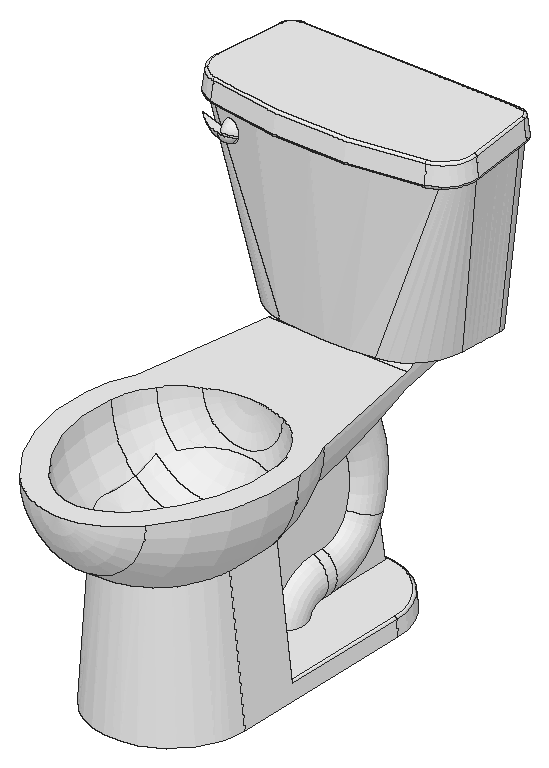
Revit family "Toilet-Elongated-Right_Height-American_Standard-Cadet_3-270CA_Series", category Plumbing Fixtures, Revit 2014
Parameters (values of type "270CA.001.020")
  Width = 17 3/4"  # constant formula
  Waste Connection Radius = 1 1/16"
  Waste Connection Diameter = Waste Connection Radius * 2  # 2 1/8"
  Waste Connection = yes
  Warranty Information = "5 Years Limited"
  WFU = 5
  Vent Connection = no
  URL = "http://www.americanstandard-us.com"
  Type Comments = "Available Finished White, Bone, Linen"
  Tank Locking Device = no
  Product Page URL = "https://www.americanstandard-us.com/bathroom/toilets/cadet-3-elongated-16-gpf-toilet-24215"
  Product Documentation Link = "https://www.americanstandard-us.com/-/media/sites/asus/files/product-specs/bulk/specsheet270ca001.pdf?la=en"
  Price = "Prices may vary. Please consult Manufacturer Representative for most up-to-date price list."  # constant formula
  Model = "270CA.001.020"
  Material = "Vitreous China-American Standard-020-White"
  Manufacturer = "American Standard"
  Length = 30 1/4"  # constant formula
  Installation Type = "Floor Mounted"
  Height = 30 1/4"  # constant formula
  HWFU = 0
  HW Connection = no
  Flush Rate = "1.6 gpf (6.0 Lpf)"
  Finish = Vitreous China-American Standard-020-White
  Description = "Cadet 3 Elongated 1.6 gpf Toilet"
  Default Elevation = 0"
  Creation Date = "02/04/2019"  # constant formula
  Cold Water Connection Width = 6"
  Cold Water Connection Radius = 3/16"
  Cold Water Connection Height = 8"  # constant formula
  Cold Water Connection Diameter = Cold Water Connection Radius * 2  # 3/8"
  CWFU = 5
  CW Connection = yes
  Bowl Shape = "Elongated"
  Assembly Code = "D2010110"
Types (7): name | Product Page URL | Product Documentation Link | Model | Material | Flush Rate | Finish | Description
  (no name) | "https://www.americanstandard-us.com/bathroom/toilets/cadet-3-elongated-16-gpf-toilet-24215" | "https://www.americanstandard-us.com/-/media/sites/asus/files/product-specs/bulk/specsheet270ca001.pdf?la=en" | "270CA.001.020" | "Vitreous China-American Standard-020-White" | "1.6 gpf (6.0 Lpf)" | Vitreous China-American Standard-020-White | "Cadet 3 Elongated 1.6 gpf Toilet"
  270CA.001.020 | "https://www.americanstandard-us.com/bathroom/toilets/cadet-3-elongated-16-gpf-toilet-24215" | "https://www.americanstandard-us.com/-/media/sites/asus/files/product-specs/bulk/specsheet270ca001.pdf?la=en" | "270CA.001.020" | "Vitreous China-American Standard-020-White" | "1.6 gpf (6.0 Lpf)" | Vitreous China-American Standard-020-White | "Cadet 3 Elongated 1.6 gpf Toilet"
  270CA.001.021 | "https://www.americanstandard-us.com/bathroom/toilets/cadet-3-elongated-16-gpf-toilet-24215" | "https://www.americanstandard-us.com/-/media/sites/asus/files/product-specs/bulk/specsheet270ca001.pdf?la=en" | "270CA.001.021" | "Vitreous China-American Standard-021-Bone" | "1.6 gpf (6.0 Lpf)" | Vitreous China-American Standard-021-Bone | "Cadet 3 Elongated 1.6 gpf Toilet"
  270CA.001.222 | "https://www.americanstandard-us.com/bathroom/toilets/cadet-3-elongated-16-gpf-toilet-24215" | "https://www.americanstandard-us.com/-/media/sites/asus/files/product-specs/bulk/specsheet270ca001.pdf?la=en" | "270CA.001.222" | "Vitreous China-American Standard-222-Linen" | "1.6 gpf (6.0 Lpf)" | Vitreous China-American Standard-222-Linen | "Cadet 3 Elongated 1.6 gpf Toilet"
  270CA.101.020 | "https://www.americanstandard-us.com/bathroom/toilets/cadet-3-elongated-128-gpf-toilet-24210" | "https://www.americanstandard-us.com/-/media/sites/asus/files/product-specs/bulk/specsheet270ca101.pdf?la=en" | "270CA.101.020" | "Vitreous China-American Standard-020-White" | "1.28 gpf (4.8 Lpf)" | Vitreous China-American Standard-020-White | "Cadet 3 Elongated 1.28 gpf Toilet"
  270CA.101.021 | "https://www.americanstandard-us.com/bathroom/toilets/cadet-3-elongated-128-gpf-toilet-24210" | "https://www.americanstandard-us.com/-/media/sites/asus/files/product-specs/bulk/specsheet270ca101.pdf?la=en" | "270CA.101.021" | "Vitreous China-American Standard-021-Bone" | "1.28 gpf (4.8 Lpf)" | Vitreous China-American Standard-021-Bone | "Cadet 3 Elongated 1.28 gpf Toilet"
  270CA.101.222 | "https://www.americanstandard-us.com/bathroom/toilets/cadet-3-elongated-128-gpf-toilet-24210" | "https://www.americanstandard-us.com/-/media/sites/asus/files/product-specs/bulk/specsheet270ca101.pdf?la=en" | "270CA.101.222" | "Vitreous China-American Standard-222-Linen" | "1.28 gpf (4.8 Lpf)" | Vitreous China-American Standard-222-Linen | "Cadet 3 Elongated 1.28 gpf Toilet"
Reference planes (in)
  plane 1 "Center (Front/Back)": y = 0
  plane 2: z = 0
  plane 3 "Center (Left/Right)": x = 0
  plane 4: x = 7
  plane 5: x = -4.8125
  plane 6: x = 4.8125
  plane 7: x = -6
  plane 8: z = 10
  plane 9: x = -7
  plane 10: y = -15.4375
  plane 11: y = -4.75
  plane 12: y = -12
  plane 13: y = -1
  plane 14: y = -30.25
  plane 15: y = -9.625
  plane 16: x = 8.6875
  plane 17: x = -8.6875
  plane 18: y = -4
  plane 19: z = 30.25
  plane 20: z = 16.5
  plane 21: z = 28.875
  plane 22: z = 15
  plane 23: x = -7.9375
  plane 24: x = 7.9375
  plane 25: y = -8.50891
  plane 26: x = -8.43297
  plane 27: y = -25.6875
  plane 28: y = -3.5
Forms (in)
  Extrusion 1, solid, material "Vitreous China-American Standard-020-White" <- "Finish"
    sketch origin (0.13358, -1.8125, 0) x (0, 1, 0) y (0, 0, 1)
      loop
        line (-0.2188, 13.99612) -> (-12.43757, 13.99612)
        arc (-12.43757, 13.99612) -> (-13.81876, 10.40146) -> (-17.1875, 8.53575) r 5.62929
        line (-17.1875, 8.53575) -> (-17.1875, 1.125) -> (-2.1875, 1.125) -> (-2.9375, 5.50897) -> (-2.9375, 6.90718)
        arc (-2.9375, 6.90718) -> (-2.46694, 9.67407) -> (-1.10816, 12.12984) r 8.36987
        arc (-1.10816, 12.12984) -> (-0.55611, 13.01181) -> (-0.2188, 13.99612) r 4.55113
    from -0.62245 to 0.35528
  Sweep 2, solid, material "Vitreous China-American Standard-020-White" <- "Finish"
    path origin (0, 0.1875, 0) x (0, 1, 0) y (0, 0, 1)
      loop
        line (-12.1875, -0.01756) -> (-12.1875, 0.55049)
        arc (-12.1875, 0.55049) -> (-11.57101, 2.03882) -> (-10.08267, 2.65531) r 2.10483
        line (-10.08267, 2.65531) -> (-9.3551, 2.65531)
        arc (-9.3551, 2.65531) -> (-7.33474, 3.29731) -> (-6.05557, 4.98779) r 3.5
        arc (-6.05557, 4.98779) -> (-5.74311, 7.9598) -> (-6.81244, 10.75031) r 6.40791
        arc (-6.81244, 10.75031) -> (-8.95061, 11.94157) -> (-11.19137, 10.95674) r 2.75
        arc (-11.19137, 10.95674) -> (-14.46483, 8.37172) -> (-18.50137, 7.32088) r 10.15358
    profile origin (0, -12, 0.26646) x (0, -1, 0) y (1, 0, 0)
      loop
        circle (0, 0) r 1.5
  Extrusion 3, solid, material "Vitreous China-American Standard-020-White", not visible
    sketch origin (0, 0.03125, -2) x (1, 0, 0) y (0, 0, 1)
      loop
        circle (-6, 10) r 0.1875
    from 0 to 0.03125
  Blend 4, solid, material "Vitreous China-American Standard-020-White" <- "Finish"
    base sketch origin (0, -0.0625, 0) x (1, 0, 0) y (0, 1, 0)
      loop
        line (-4.8125, -16.75) -> (-4.8125, -20.8125)
        arc (-4.8125, -20.8125) -> (0, -25.625) -> (4.8125, -20.8125) r 4.8125
        line (4.8125, -20.8125) -> (4.8125, -16.75) -> (-4.8125, -16.75)
    top sketch origin (0, -0.0625, 0) x (1, 0, 0) y (0, 1, 0)
      loop
        arc (-3.75, -21.1875) -> (0, -24.9375) -> (3.75, -21.1875) r 3.75
        line (3.75, -21.1875) -> (3.75, -17.37103) -> (-3.75, -17.37103) -> (-3.75, -21.1875)
    from 0 to 12.73418
  Extrusion 5, solid, material "Vitreous China-American Standard-020-White" <- "Finish"
    sketch origin (0, 0.81104, 0) x (1, 0, 0) y (0, 1, 0)
      loop
        arc (4.41932, -9.12354) -> (0, -4.70422) -> (-4.41932, -9.12354) r 4.41932
        line (-4.41932, -9.12354) -> (-4.41932, -19.87354) -> (4.41932, -19.87354) -> (4.41932, -9.12354)
    from 0 to 1.125
  Sweep 6, solid, material "Vitreous China-American Standard-020-White" <- "Finish"
    path origin (0, -2, 0) x (1, 0, 0) y (0, 1, 0)
      loop
        line (4.8125, -17.0625) -> (4.8125, -6.3125)
        arc (4.8125, -6.3125) -> (0, -1.5) -> (-4.8125, -6.3125) r 4.8125
        line (-4.8125, -6.3125) -> (-4.8125, -17.0625)
    profile origin (-4.8125, -13.6875, 0) x (1, 0, 0) y (0, 0, 1)
      loop
        line (0, 0) -> (0.39318, 0) -> (0.39318, 1.125) -> (0.24426, 1.125)
        arc (0.24426, 1.125) -> (0.13358, 1.08183) -> (0.08136, 0.97513) r 0.16346
        line (0.08136, 0.97513) -> (0, 0)
  Blend 7, solid, material "Vitreous China-American Standard-020-White" <- "Finish"
    base sketch origin (0, -1.78906, 16.83604) x (1, 0, 0) y (0, 1, 0)
      loop
        line (-6.39787, -0.11018) -> (-6.22719, -2.96187)
        arc (-6.22719, -2.96187) -> (-5.27441, -5.15972) -> (-3.13135, -6.23006) r 3.5
        arc (-3.13135, -6.23006) -> (0, -6.40864) -> (3.13135, -6.23006) r 27.54296
        arc (3.13135, -6.23006) -> (5.27441, -5.15972) -> (6.22719, -2.96187) r 3.5
        line (6.22719, -2.96187) -> (6.39787, -0.11018)
        arc (6.39787, -0.11018) -> (6.19515, 0.44888) -> (5.64921, 0.68463) r 0.75
        line (5.64921, 0.68463) -> (-5.64921, 0.68463)
        arc (-5.64921, 0.68463) -> (-6.19515, 0.44888) -> (-6.39787, -0.11018) r 0.75
    top sketch origin (0, -1.78906, 16.83604) x (1, 0, 0) y (0, 1, 0)
      loop
        line (6.64001, 0.71934) -> (-6.64001, 0.71934)
        arc (-6.64001, 0.71934) -> (-7.59523, 0.35529) -> (-8.06585, -0.55218) r 1.4352
        line (-8.06585, -0.55218) -> (-8.54198, -4.69994)
        arc (-8.54198, -4.69994) -> (-8.3173, -5.71939) -> (-7.51315, -6.38504) r 1.60507
        arc (-7.51315, -6.38504) -> (0, -7.75308) -> (7.51315, -6.38504) r 21.31466
        arc (7.51315, -6.38504) -> (8.3173, -5.71939) -> (8.54198, -4.69994) r 1.60507
        line (8.54198, -4.69994) -> (8.06585, -0.55218)
        arc (8.06585, -0.55218) -> (7.59523, 0.35529) -> (6.64001, 0.71934) r 1.4352
    from -1.13032 to 10.62389
  Revolve 8, solid, material "Metal-American Standard-002-Chrome"
    sketch origin (-0.55615, -10.29726, -0.25) x (0.951057, -0.309017, 0) y (0, 0, 1)
      loop
        arc (-8.25199, 26.24266) -> (-7.14608, 25.77503) -> (-5.95452, 25.62705) r 4.35655
        arc (-5.95452, 25.62705) -> (-5.3899, 25.79814) -> (-5.00199, 26.24266) r 1.06915
        line (-5.00199, 26.24266) -> (-8.25199, 26.24266)
      axis (-8.25199, 26.24266) -> (-5.00199, 26.24266)
    angle from 270 to 360
  Revolve 9, solid, material "Metal-American Standard-002-Chrome"
    sketch origin (2.13594, -3.02314, 26.11766) x (0.951057, -0.309017, 0) y (0.309017, 0.951057, 0)
      loop
        arc (-5.95452, -8.30803) -> (-5.56349, -8.09934) -> (-5.29071, -7.75) r 1.06915
        line (-5.29071, -7.75) -> (-5.95452, -7.75) -> (-5.95452, -8.30803)
      axis (-5.95452, -8.30803) -> (-5.95452, -7.75)
    angle from 0 to 360
  Extrusion 10, solid, material "Vitreous China-American Standard-020-White" <- "Finish"
    sketch origin (0, 0.0625, -1.5) x (0, 1, 0) y (0, 0, 1)
      loop
        line (-16.5625, 13.28408) -> (-7.35095, 15.49612) -> (-3.59932, 15.49612) -> (-2.74382, 17.33072) -> (-6.38325, 17.33072)
        arc (-6.38325, 17.33072) -> (-6.62657, 16.74331) -> (-7.21397, 16.5) r 0.83072
        line (-7.21397, 16.5) -> (-16.5625, 16.5) -> (-16.5625, 13.28408)
    from -6.93516 to 6.76113
  Extrusion 11, solid, material "Vitreous China-American Standard-020-White" <- "Finish"
    sketch origin (0, 0.42188, -1.5) x (1, 0, 0) y (0, 1, 0)
      loop
        arc (2.5, -4.30084) -> (0, -1.80084) -> (-2.5, -4.30084) r 2.5
        line (-2.5, -4.30084) -> (2.5, -4.30084)
    from 17.33072 to 15.49612
  Extrusion 12, void
    sketch origin (-1.408, -0.96896, -1.5) x (0.984808, 0.173648, 0) y (0, 0, 1)
      loop
        line (8.89659, 17.61078) -> (4.68255, 17.61078)
        arc (4.68255, 17.61078) -> (4.62219, 15.16003) -> (3.36241, 13.05699) r 4.8125
        line (3.36241, 13.05699) -> (6.77312, 13.05699) -> (8.89659, 17.61078)
    from 0 to 17.125
  Revolve 13, solid, material "Vitreous China-American Standard-020-White" <- "Finish"
    sketch origin (0, -57.9375, 15) x (-1, 0, 0) y (0, -1, 0)
      loop
        arc (-4.12967, -29.8119) -> (-6.48649, -34.05023) -> (-7, -38.87251) r 12.16288
        arc (-7, -38.87251) -> (-6.63475, -40.65908) -> (-5.89825, -42.32725) r 8.53358
        arc (-5.89825, -42.32725) -> (-5.57001, -42.7332) -> (-5.13235, -43.0178) r 1.66797
        arc (-5.13235, -43.0178) -> (-2.62366, -43.83406) -> (0, -44.11018) r 12.60289
        line (0, -44.11018) -> (0, -43.5046)
        arc (0, -43.5046) -> (-1.35522, -43.35576) -> (-2.64635, -42.91788) r 6.2782
        arc (-2.64635, -42.91788) -> (-4.5881, -41.31414) -> (-5.50181, -38.96735) r 5
        arc (-5.50181, -38.96735) -> (-5.10623, -34.59527) -> (-2.98576, -30.75142) r 10.68295
        arc (-2.98576, -30.75142) -> (-1.64167, -29.67339) -> (0, -29.15028) r 4.7147
        line (0, -29.15028) -> (0, -27.66084)
        arc (0, -27.66084) -> (-2.27302, -28.3367) -> (-4.12967, -29.8119) r 6.23939
      axis (0, -27.66084) -> (0, -44.11018)
    angle from 0 to 180
  Revolve 14, void
    sketch origin (-12, -57.9375, 15) x (-1, 0, 0) y (0, -1, 0)
      loop
        line (-12, -43.5046) -> (-12, -29.15028)
        arc (-12, -29.15028) -> (-13.64167, -29.67339) -> (-14.98576, -30.75142) r 4.7147
        arc (-14.98576, -30.75142) -> (-17.10623, -34.59527) -> (-17.50181, -38.96735) r 10.68295
        arc (-17.50181, -38.96735) -> (-16.5881, -41.31414) -> (-14.64635, -42.91788) r 5
        arc (-14.64635, -42.91788) -> (-13.35522, -43.35576) -> (-12, -43.5046) r 6.2782
      axis (-12, -29.15028) -> (-12, -43.5046)
    angle from 0 to 180
  Extrusion 15, void
    sketch origin (1.408, -0.96896, -1.5) x (-0.984808, 0.173648, 0) y (0, 0, -1)
      loop
        line (8.89659, -17.61078) -> (6.77312, -13.05699) -> (3.36241, -13.05699)
        arc (3.36241, -13.05699) -> (4.62219, -15.16003) -> (4.68255, -17.61078) r 4.8125
        line (4.68255, -17.61078) -> (8.89659, -17.61078)
    from 0 to 17.125
  Sweep 16, solid, material "Vitreous China-American Standard-020-White" <- "Finish"
    path origin (0, -2.16406, 15.45993) x (1, 0, 0) y (0, 1, 0)
      loop
        line (-8.17982, 0.22296) -> (-8.6851, -4.31531)
        arc (-8.6851, -4.31531) -> (-8.2927, -5.8264) -> (-6.9927, -6.69089) r 2.18719
        arc (-6.9927, -6.69089) -> (0, -7.46992) -> (6.9927, -6.69089) r 31.77324
        arc (6.9927, -6.69089) -> (8.2927, -5.8264) -> (8.6851, -4.31531) r 2.18719
        line (8.6851, -4.31531) -> (8.17982, 0.22296)
        arc (8.17982, 0.22296) -> (7.83705, 0.88808) -> (7.13808, 1.15516) r 1.04818
        line (7.13808, 1.15516) -> (-7.13808, 1.15516)
        arc (-7.13808, 1.15516) -> (-7.83705, 0.88808) -> (-8.17982, 0.22296) r 1.04818
    profile origin (-8.43246, -4.21024, 15.45993) x (0.993859, -0.110652, 0) y (0, 0, 1)
      loop
        line (0.42017, 12) -> (0.42017, 13.41396) -> (0.31448, 13.41396)
        arc (0.31448, 13.41396) -> (0.2064, 13.37301) -> (0.15259, 13.27073) r 0.16311
        line (0.15259, 13.27073) -> (0.00725, 12.08702)
        arc (0.00725, 12.08702) -> (0.02614, 12.02617) -> (0.08424, 12) r 0.07757
        line (0.08424, 12) -> (0.42017, 12)
  Extrusion 17, solid, material "Vitreous China-American Standard-020-White" <- "Finish"
    sketch origin (0, -0.38391, -1.50111) x (1, 0, 0) y (0, 1, 0)
      loop
        arc (-8.2675, -6.14196) -> (-7.95049, -7.36276) -> (-6.90023, -8.06118) r 1.76701
        arc (-6.90023, -8.06118) -> (0, -8.82991) -> (6.90023, -8.06118) r 31.35306
        arc (6.90023, -8.06118) -> (7.95049, -7.36276) -> (8.2675, -6.14196) r 1.76701
        line (8.2675, -6.14196) -> (7.76223, -1.60369)
        arc (7.76223, -1.60369) -> (7.55686, -1.20519) -> (7.13808, -1.04517) r 0.62801
        line (7.13808, -1.04517) -> (-7.13808, -1.04517)
        arc (-7.13808, -1.04517) -> (-7.55686, -1.20519) -> (-7.76223, -1.60369) r 0.62801
        line (-7.76223, -1.60369) -> (-8.2675, -6.14196)
    from 28.96104 to 30.37611
Cuts and joins
  Revolve 14 cuts Extrusion 1
  Revolve 14 cuts Blend 4
  Revolve 14 cuts Extrusion 5
  Revolve 14 cuts Sweep 6
  Extrusion 12, Revolve 14, Extrusion 15 cuts Extrusion 10
  joined: Extrusion 1, Blend 4, Extrusion 5, Sweep 6, Blend 7, Extrusion 10, Revolve 13
  joined: Sweep 16, Extrusion 17
Dimensions and locks (in)
  plane 6 to plane 5 = 9 5/8"
  "Cold Water Connection Width": plane 3 "Center (Left/Right)" to plane 7
  plane 4 to plane 9 = 14"
  plane 1 "Center (Front/Back)" to plane 12 = 12"
  equal spacing: plane 17, plane 3 "Center (Left/Right)", plane 16
  plane 17 to plane 16 = 17 3/8"
  plane 1 "Center (Front/Back)" to plane 18 = 4"
  plane 1 "Center (Front/Back)" to plane 14 = 30 1/4"
  plane 1 "Center (Front/Back)" to plane 13 = 1"
  plane 19 to level = 30 1/4"
  plane 20 to level = 16 1/2"
  plane 22 to level = 15"
  plane 21 to level = 28 7/8"
  plane 13 to plane 15 = 8 5/8"
  plane 12 to plane 27 = 13 11/16"
  plane 28 to plane 12 = 8 1/2"
  "Cold Water Connection Diameter": diameter of Extrusion 3 sketch curve
  radius of Blend 4 sketch curve = 4 13/16"
Automatic sketch dimensions
  Extrusion 1 sketch curve to plane 11 = 0"
  Extrusion 1 sketch curve to plane 18 = 0"
  Extrusion 1 sketch curve to plane 22 = 0.03033"
  Extrusion 1 sketch curve to plane 11 = 1.72709"
  Extrusion 1 sketch curve to plane 10 = 1.18743"
  level to Extrusion 1 sketch curve = 1 1/8"
  plane 10 to Extrusion 1 sketch curve = 3 9/16"
  Extrusion 1 sketch curve to plane 22 = 0.90393"
  Extrusion 1 sketch curve to plane 1 "Center (Front/Back)" = 3.61987"
  Extrusion 1 sketch curve to Extrusion 1 sketch curve = 4.38397"
  Extrusion 1 sketch curve to Extrusion 1 sketch curve = 1.39821"
  Extrusion 1 sketch curve to Extrusion 1 sketch curve = 5.56032"
  Sweep 2 sketch curve to plane 12 = 0"
  plane 20 to Sweep 2 sketch curve = 0.96286"
  plane 10 to Sweep 2 sketch curve = 3.3616"
  plane 12 to Sweep 2 sketch curve = 0.09105"
  plane 15 to Sweep 2 sketch curve = 0.27017"
  Sweep 2 sketch curve to plane 15 = 0.4574"
  Sweep 2 sketch curve to plane 15 = 0.73239"
  plane 8 to Sweep 2 sketch curve = 0.80538"
  plane 8 to Sweep 2 sketch curve = 2.87467"
  Sweep 2 sketch curve to Sweep 2 sketch curve = 0.97001"
  level to Sweep 2 sketch curve = 2.65531"
  plane 10 to Sweep 2 sketch curve = 2.87637"
  Sweep 2 sketch curve to plane 8 = 0.95674"
  Sweep 2 sketch curve to Sweep 2 sketch curve = 0"  (x2)
  Sweep 2 sketch curve to level = 0.01756"
  Sweep 2 sketch curve to profile plane = 0"  (x2)
  Extrusion 3 sketch curve to plane 7 = 0"
  plane 8 to Extrusion 3 sketch curve = 2"
  Blend 4 sketch curve to plane 5 = 0"
  plane 10 to Blend 4 sketch curve = 1 3/8"
  Blend 4 sketch curve to plane 3 "Center (Left/Right)" = 0"
  plane 5 to Blend 4 sketch curve = 1 1/16"
  plane 10 to Blend 4 sketch curve = 1.99603"
  Extrusion 5 sketch curve to plane 3 "Center (Left/Right)" = 0"
  plane 5 to Extrusion 5 sketch curve = 0.39318"
  plane 10 to Extrusion 5 sketch curve = 3 5/8"
  Extrusion 5 sketch curve to plane 15 = 1 5/16"
  Sweep 6 sketch curve to plane 5 = 0"
  Sweep 6 sketch curve to plane 3 "Center (Left/Right)" = 0"
  Sweep 6 sketch curve to plane 15 = 1 5/16"
  plane 10 to Sweep 6 sketch curve = 3 5/8"  (x2)
  profile plane to Sweep 6 sketch curve = 0"
  Sweep 6 sketch curve to profile plane = 0"
  Sweep 6 sketch curve to profile plane = 0.08136"
  Sweep 6 sketch curve to Sweep 6 sketch curve = 0.16289"
  Sweep 6 sketch curve to Sweep 6 sketch curve = 0.14892"
  profile plane to Sweep 6 sketch curve = 0.96154"
  Sweep 6 sketch curve to Sweep 6 sketch curve = 0.01359"
  Blend 7 sketch curve to plane 3 "Center (Left/Right)" = 0"  (x2)
  plane 11 to Blend 7 sketch curve = 0.20818"  (x2)
  plane 5 to Blend 7 sketch curve = 2.07906"
  plane 13 to Blend 7 sketch curve = 0.10443"
  plane 7 to Blend 7 sketch curve = 0.35079"
  Blend 7 sketch curve to plane 11 = 0.00093"  (x2)
  Blend 7 sketch curve to plane 7 = 0.22719"
  Blend 7 sketch curve to plane 7 = 0.39787"
  plane 6 to Blend 7 sketch curve = 2.07906"
  Blend 7 sketch curve to plane 6 = 0.83671"
  plane 4 to Blend 7 sketch curve = 0.77281"
  plane 4 to Blend 7 sketch curve = 0.60213"
  Blend 7 sketch curve to plane 1 "Center (Front/Back)" = 19.34525"
  Blend 7 sketch curve to Blend 7 sketch curve = 0"  (x2)
  plane 13 to Blend 7 sketch curve = 0.06972"
  plane 9 to Blend 7 sketch curve = 0.35999"
  plane 9 to Blend 7 sketch curve = 0.05262"
  Blend 7 sketch curve to plane 17 = 0.62165"
  Blend 7 sketch curve to plane 17 = 0.14552"
  plane 4 to Blend 7 sketch curve = 0.35999"
  plane 4 to Blend 7 sketch curve = 0.05262"
  Blend 7 sketch curve to plane 16 = 0.62165"
  Blend 7 sketch curve to plane 16 = 0.14552"
  Blend 7 sketch curve to plane 11 = 1.73901"  (x2)
  Blend 7 sketch curve to Blend 7 sketch curve = 0.18305"  (x2)
  Blend 7 sketch curve to plane 1 "Center (Front/Back)" = 11.77252"
  Revolve 8 sketch curve to plane 21 = 2.88234"
  Revolve 8 sketch curve to plane 19 = 0.51687"
  Revolve 8 sketch curve to Revolve 8 sketch curve = 2.23347"
  Revolve 8 sketch curve to Revolve 8 sketch curve = 2.28176"
  Revolve 8 sketch curve to Revolve 8 sketch curve = 0.96824"
  Revolve 8 sketch curve to Revolve 8 sketch curve = 0.45343"
  Revolve 8 sketch curve to Revolve 8 sketch curve = 0.55269"
  Revolve 8 sketch curve to Revolve 8 sketch curve = 0.38425"
  Revolve 8 sketch curve to Revolve 8 sketch curve = 0"
  Revolve 9 sketch curve to plane 7 = 0.0595"
  Revolve 9 sketch curve to plane 15 = 1.60908"
  Revolve 9 sketch curve to Revolve 9 sketch curve = 0.29696"
  Revolve 9 sketch curve to Revolve 9 sketch curve = 0.66381"
  Revolve 9 sketch curve to Revolve 9 sketch curve = 0.46905"
  Revolve 9 sketch curve to Revolve 9 sketch curve = 0"
  Revolve 9 sketch curve to Revolve 9 sketch curve = 0.05803"
  Revolve 9 sketch curve to Revolve 9 sketch curve = 0.03095"
  Extrusion 10 sketch curve to plane 22 = 0"
  plane 10 to Extrusion 10 sketch curve = 1 1/16"
  Extrusion 10 sketch curve to plane 22 = 1.00388"
  Extrusion 10 sketch curve to plane 15 = 2.33655"
  Extrusion 10 sketch curve to plane 20 = 0.66928"
  Extrusion 10 sketch curve to Extrusion 10 sketch curve = 0.13698"
  Extrusion 10 sketch curve to plane 8 = 1.78408"
  Extrusion 11 sketch curve to plane 3 "Center (Left/Right)" = 0"
  Extrusion 11 sketch curve to plane 18 = 0.12103"
  plane 5 to Extrusion 11 sketch curve = 2 5/16"
  Extrusion 12 sketch curve to plane 22 = 0"
  Extrusion 12 sketch curve to plane 8 = 1.55699"
  Extrusion 12 sketch curve to Extrusion 12 sketch curve = 3.36241"
  Extrusion 12 sketch curve to plane 20 = 0.38922"
  Extrusion 12 sketch curve to Extrusion 12 sketch curve = 3.41071"
  Extrusion 12 sketch curve to Extrusion 12 sketch curve = 4.21404"
  Revolve 13 sketch curve to Revolve 13 sketch curve = 0"  (x5)
  Revolve 13 sketch curve to plane 4 = 0"  (x2)
  Revolve 13 sketch curve to plane 3 "Center (Left/Right)" = 0"  (x3)
  plane 6 to Revolve 13 sketch curve = 0.35941"
  plane 3 "Center (Left/Right)" to Revolve 13 sketch curve = 0.53582"
  Revolve 13 sketch curve to plane 3 "Center (Left/Right)" = 0.00372"
  Revolve 13 sketch curve to plane 3 "Center (Left/Right)" = 0.58647"
  Revolve 13 sketch curve to Revolve 13 sketch curve = 0.02291"
  Revolve 13 sketch curve to plane 3 "Center (Left/Right)" = 1.49541"
  Revolve 13 sketch curve to plane 5 = 0.29598"
  Revolve 13 sketch curve to plane 10 = 1.61018"
  Revolve 13 sketch curve to Revolve 13 sketch curve = 0.60559"
  plane 10 to Revolve 13 sketch curve = 1.00559"
  Revolve 13 sketch curve to Revolve 13 sketch curve = 0.31885"
  Revolve 13 sketch curve to Revolve 13 sketch curve = 0.34288"
  Revolve 13 sketch curve to Revolve 13 sketch curve = 1.15874"
  Revolve 13 sketch curve to Revolve 13 sketch curve = 0.04203"
  Revolve 13 sketch curve to plane 14 = 1.46278"
  plane 14 to Revolve 13 sketch curve = 0.02666"
  Revolve 13 sketch curve to plane 6 = 0.68931"
  plane 12 to Revolve 13 sketch curve = 0.53033"
  plane 15 to Revolve 13 sketch curve = 0.25507"
  Revolve 14 sketch curve to plane 3 "Center (Left/Right)" = 0"  (x2)
  plane 3 "Center (Left/Right)" to Revolve 14 sketch curve = 0.53582"
  Revolve 14 sketch curve to plane 3 "Center (Left/Right)" = 0.00372"
  Revolve 14 sketch curve to plane 3 "Center (Left/Right)" = 0.58647"
  Revolve 14 sketch curve to plane 5 = 0.29598"
  Revolve 14 sketch curve to plane 10 = 1.0046"
  plane 10 to Revolve 14 sketch curve = 4.77658"
  Revolve 14 sketch curve to Revolve 14 sketch curve = 1.15874"
  Revolve 14 sketch curve to plane 14 = 1.46278"
  Revolve 14 sketch curve to Revolve 14 sketch curve = 0"  (x2)
  plane 12 to Revolve 14 sketch curve = 0.53033"
  plane 15 to Revolve 14 sketch curve = 0.25507"
  Extrusion 15 sketch curve to plane 22 = 0"
  Extrusion 15 sketch curve to plane 8 = 1.55699"
  Extrusion 15 sketch curve to Extrusion 15 sketch curve = 3.36241"
  Extrusion 15 sketch curve to plane 20 = 0.38922"
  Extrusion 15 sketch curve to Extrusion 15 sketch curve = 3.41071"
  Extrusion 15 sketch curve to Extrusion 15 sketch curve = 4.21404"
  Sweep 16 sketch curve to plane 3 "Center (Left/Right)" = 0"
  plane 9 to Sweep 16 sketch curve = 0.48866"
  Sweep 16 sketch curve to plane 9 = 0.13808"
  Sweep 16 sketch curve to plane 17 = 0.50768"
  Sweep 16 sketch curve to plane 17 = 0.0024"
  plane 4 to Sweep 16 sketch curve = 0.48866"
  Sweep 16 sketch curve to plane 4 = 0.13808"
  Sweep 16 sketch curve to plane 16 = 0.50768"
  Sweep 16 sketch curve to plane 16 = 0.0024"
  Sweep 16 sketch curve to plane 25 = 1.78751"  (x2)
  Sweep 16 sketch curve to plane 11 = 1.72938"  (x2)
  plane 1 "Center (Front/Back)" to Sweep 16 sketch curve = 2.05709"  (x2)
  Sweep 16 sketch curve to plane 1 "Center (Front/Back)" = 22.13925"
  Sweep 16 sketch curve to Sweep 16 sketch curve = 0"
  Sweep 16 sketch curve to profile plane = 0.00725"
  Sweep 16 sketch curve to profile plane = 0.08424"
  Sweep 16 sketch curve to profile plane = 0.15259"
  Sweep 16 sketch curve to Sweep 16 sketch curve = 0.16189"
  Sweep 16 sketch curve to Sweep 16 sketch curve = 43/128"
  profile plane to Sweep 16 sketch curve = 12"
  Sweep 16 sketch curve to Sweep 16 sketch curve = 0.07757"
  Sweep 16 sketch curve to Sweep 16 sketch curve = 1.17329"
  Sweep 16 sketch curve to Sweep 16 sketch curve = 0.01988"
  Extrusion 17 sketch curve to plane 3 "Center (Left/Right)" = 0"
  plane 9 to Extrusion 17 sketch curve = 0.48866"
  Extrusion 17 sketch curve to plane 9 = 0.13808"
  Extrusion 17 sketch curve to Extrusion 17 sketch curve = 0.62415"  (x2)
  Extrusion 17 sketch curve to plane 17 = 0.42"
  plane 4 to Extrusion 17 sketch curve = 0.48866"
  Extrusion 17 sketch curve to plane 4 = 0.13808"
  Extrusion 17 sketch curve to plane 16 = 0.42"
  Extrusion 17 sketch curve to plane 11 = 1.77587"  (x2)
  Extrusion 17 sketch curve to Extrusion 17 sketch curve = 0.19552"  (x2)
  Extrusion 17 sketch curve to plane 1 "Center (Front/Back)" = 22.13925"
  Extrusion 17 sketch curve to Extrusion 17 sketch curve = 0"
  Extrusion 10 sketch curve to plane 28 = 0.03682"
  plane 28 to Extrusion 10 sketch curve = 0.81868"
  plane 27 to Revolve 13 sketch curve = 0.74271"
  Extrusion 1 sketch curve to Extrusion 1 sketch curve = 5.6284"
  Blend 4 sketch curve to Blend 4 sketch curve = 4 1/16"
  Blend 4 sketch curve to Blend 4 sketch curve = 3.81647"
  plane 10 to Revolve 13 sketch curve = 4.11485"
  Revolve 13 sketch curve to plane 27 = 1.62041"
  plane 10 to Revolve 14 sketch curve = 4.11485"
  Revolve 14 sketch curve to plane 27 = 1.57837"
  plane 13 to Extrusion 1 sketch curve = 1.0313"
  plane 13 to Blend 7 sketch curve = 0.89924"  (x2)
  Blend 7 sketch curve to Blend 7 sketch curve = 1.4352"  (x2)
  plane 13 to Sweep 16 sketch curve = 0.94111"
  plane 13 to Extrusion 17 sketch curve = 1.05709"
  plane 1 "Center (Front/Back)" to Extrusion 17 sketch curve = 2.05709"
  Extrusion 17 sketch curve to Extrusion 17 sketch curve = 0.06949"
  radius of Sweep 2 sketch curve = 1 1/2"
Connectors (in)
  piping at (-6, 0.03125, 8), diameter 0.375, driven by "CWFU", driven by "Cold Water Connection Radius"
    settings: on Extrusion 3, index 1, connector inside diameter 24", connector length 0", flow factor 0, pipe flow 0 GPM, pressure drop 0.00 psi, fitting loss kfactor 0, connector angle 0.00°, fixture units 5, engagement length 0", angle of deflection 0.00°, flow configuration 3, flow direction 1, fitting loss method 0, system type 20, joint type 0, gender type 0, connector reference index -1, connector utility 0, adjustable connector no, is connector primary yes, connector description "3/8\" CW Inlet"
  piping at (0, -12, -0.01756), diameter 2.125, driven by "WFU", driven by "Waste Connection Radius"
    settings: on Sweep 2, index 2, connector inside diameter 24", connector length 0", flow factor 0, pipe flow 0 GPM, pressure drop 0.00 psi, fitting loss kfactor 0, connector angle 0.00°, fixture units 5, engagement length 0", angle of deflection 0.00°, flow configuration 3, flow direction 2, fitting loss method 0, system type 16, joint type 0, gender type 0, connector reference index -1, connector utility 0, adjustable connector no, is connector primary no, connector description "2-1/8\" Waste Outlet"
